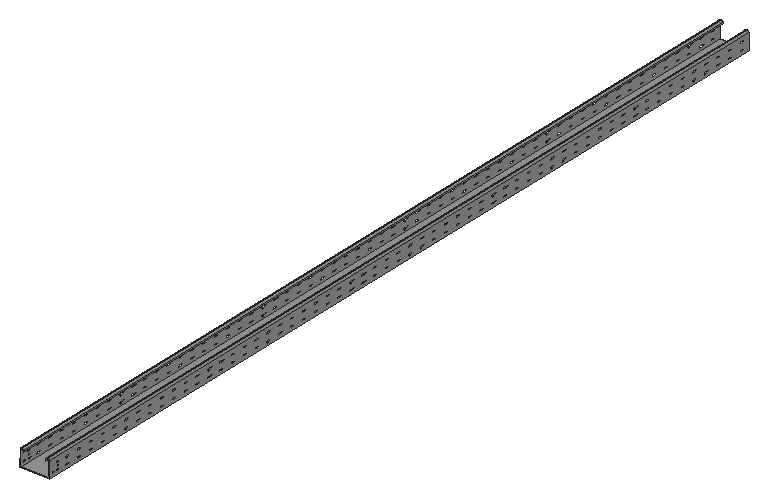
Revit family "Kabelrinne_rksm_A4_610_620_630_640_650_660", category Generic Models, Revit 2017 (continued)
Dimensions and locks
  locked: cut or joined group 1 (Extrusion 1, Extrusion 5, Extrusion 8, Extrusion 10, Extrusion 11, Extrusion 13, Extrusion 14, Extrusion 15, Extrusion 16, Extrusion 17, Extrusion 18, Extrusion 19, Extrusion 20, Extrusion 21, Extrusion 22, Extrusion 23, Extrusion 24, Extrusion 25, Extrusion 26, Extrusion 27, Extrusion 28, Extrusion 29, Extrusion 30, Extrusion 31, Extrusion 32, Extrusion 33, Extrusion 34, Extrusion 35, Extrusion 36, Extrusion 37, Extrusion 38, Extrusion 39, Extrusion 40, Extrusion 41, Extrusion 42, Extrusion 43, Extrusion 44, Extrusion 45, Extrusion 46, Extrusion 47, Extrusion 48, Extrusion 49, Extrusion 50, Extrusion 51, Extrusion 52, Extrusion 53, Extrusion 54, Extrusion 55, Extrusion 56, Extrusion 57, Extrusion 58, Extrusion 59, Extrusion 60, Extrusion 61, Extrusion 62, Extrusion 63, Extrusion 64, Extrusion 65, Extrusion 66, Extrusion 67, Extrusion 68, Extrusion 69, Extrusion 70, Extrusion 71, Extrusion 72, Extrusion 73, Extrusion 74, Extrusion 75, Extrusion 76, Extrusion 77, Extrusion 78, Extrusion 79, Extrusion 80, Extrusion 81, Extrusion 82, Extrusion 83, Extrusion 84, Extrusion 85, Extrusion 86, Extrusion 87, Extrusion 88, Extrusion 89, Extrusion 90, Extrusion 91, Extrusion 92, Extrusion 93, Extrusion 94, Extrusion 95, Extrusion 96, Extrusion 97, Extrusion 98, Extrusion 99, Extrusion 100, Extrusion 101, Extrusion 102, Extrusion 103, Extrusion 104, Extrusion 105, Extrusion 106, Extrusion 107, Extrusion 108, Extrusion 109, Extrusion 110, Extrusion 111, Extrusion 112, Extrusion 113, Extrusion 114, Extrusion 115, Extrusion 116, Extrusion 117, Extrusion 118, Extrusion 119, Extrusion 120, Extrusion 121, Extrusion 122, Extrusion 123, Extrusion 124, Extrusion 125, Extrusion 126, Extrusion 127, Extrusion 128, Extrusion 129, Extrusion 130, Extrusion 131, Extrusion 132, Extrusion 133, Extrusion 134, Extrusion 135, Extrusion 136, Extrusion 137, Extrusion 138, Extrusion 139, Extrusion 140, Extrusion 141, Extrusion 142, Extrusion 143, Extrusion 144, Extrusion 145, Extrusion 146, Extrusion 147, Extrusion 148, Extrusion 149, Extrusion 150, Extrusion 151, Extrusion 152, Extrusion 153, Extrusion 154, Extrusion 155, Extrusion 156, Extrusion 157, Extrusion 158, Extrusion 159, Extrusion 160, Extrusion 161, Extrusion 162, Extrusion 163, Extrusion 164, Extrusion 165, Extrusion 166, Extrusion 167, Extrusion 168, Extrusion 169, Extrusion 170, Extrusion 171, Extrusion 172, Extrusion 173, Extrusion 174, Extrusion 175, Extrusion 176, Extrusion 177, Extrusion 178, Extrusion 179, Extrusion 180, Extrusion 181, Extrusion 182, Extrusion 183, Extrusion 184, Extrusion 185, Extrusion 186, Extrusion 187, Extrusion 188, Extrusion 189, Extrusion 190, Extrusion 191, Extrusion 192, Extrusion 193, Extrusion 194, Extrusion 195, Extrusion 196, Extrusion 197, Extrusion 198, Extrusion 199, Extrusion 200, Extrusion 201, Extrusion 202, Extrusion 203, Extrusion 204, Extrusion 205, Extrusion 206, Extrusion 207, Extrusion 208, Extrusion 209, Extrusion 210, Extrusion 211, Extrusion 212, Extrusion 213, Extrusion 214, Extrusion 215, Extrusion 216, Extrusion 217, Extrusion 218, Extrusion 219, Extrusion 220, Extrusion 221, Extrusion 222, Extrusion 223, Extrusion 224, Extrusion 225, Extrusion 226, Extrusion 227, Extrusion 228, Extrusion 229, Extrusion 230, Extrusion 231, Extrusion 232, Extrusion 233, Extrusion 234, Extrusion 235, Extrusion 236, Extrusion 237, Extrusion 238, Extrusion 239, Extrusion 240, Extrusion 241, Extrusion 242, Extrusion 243, Extrusion 244, Extrusion 245, Extrusion 246, Extrusion 247, Extrusion 248, Extrusion 249, Extrusion 250, Extrusion 251, Extrusion 252, Extrusion 253, Extrusion 254, Extrusion 255, Extrusion 256, Extrusion 257, Extrusion 258, Extrusion 259, Extrusion 260, Extrusion 261, Extrusion 262, Extrusion 263, Extrusion 264, Extrusion 265, Extrusion 266, Extrusion 267, Extrusion 268, Extrusion 269, Extrusion 270, Extrusion 271, Extrusion 272, Extrusion 273, Extrusion 274, Extrusion 275, Extrusion 276, Extrusion 277) to cut or joined group 1 at 25  (x2)
  locked: Extrusion 9 sketch curve to Extrusion 9 sketch curve at 7
  locked: Extrusion 10 sketch curve to Extrusion 10 sketch curve at 7
  locked: Extrusion 11 sketch curve to Extrusion 11 sketch curve at 7
  group 9 to group 10 = 0 mm  (x2)
  group 9 to group 10 = 25 mm
  locked: plane 1 "Center (Front/Back)" to cut or joined group 1 at 66.3  (x2)
  locked: plane 1 "Center (Front/Back)" to cut or joined group 1 at 86.3  (x2)
  locked: plane 11 to plane 12 at 50.8
  locked: Extrusion 12 sketch curve to Extrusion 12 sketch curve at 7
  locked: Extrusion 13 sketch curve to Extrusion 13 sketch curve at 7
  locked: Extrusion 14 sketch curve to Extrusion 14 sketch curve at 7
  group 13 to group 14 = 0 mm  (x2)
  group 13 to group 14 = 25 mm
  equal spacing: group 11, group 15, group 18, group 21, group 37, group 199, group 202, group 205, group 208, group 211, group 214, group 217, group 220, group 223, group 226, group 229, group 232, group 235, group 238, group 241, group 244, group 247, group 250, group 253, group 256, group 259, group 262, group 265, group 268, group 271, group 274, group 277, group 280, group 283, group 286, group 289, group 292, group 295, group 298, group 301, group 304, group 307, group 310, group 313, group 316, group 319, group 322, group 325, group 328, group 331, group 334, group 337, group 340, group 343, group 346, group 349, group 352, group 355  (x3)
  locked: plane 1 "Center (Front/Back)" to cut or joined group 1 at 117.1  (x2)
  locked: plane 1 "Center (Front/Back)" to cut or joined group 1 at 137.1  (x2)
  locked: Extrusion 15 sketch curve to Extrusion 15 sketch curve at 7
  locked: Extrusion 16 sketch curve to Extrusion 16 sketch curve at 7
  group 16 to group 17 = 0 mm  (x2)
  group 16 to group 17 = 25 mm
  locked: Extrusion 17 sketch curve to Extrusion 17 sketch curve at 7
  locked: Extrusion 18 sketch curve to Extrusion 18 sketch curve at 7
  group 19 to group 20 = 0 mm  (x2)
  group 19 to group 20 = 25 mm
  locked: Extrusion 19 sketch curve to Extrusion 19 sketch curve at 7
  locked: Extrusion 20 sketch curve to Extrusion 20 sketch curve at 7
  group 23 to group 24 = 0 mm  (x2)
  group 23 to group 24 = 25 mm
  equal spacing: group 22, group 25, group 28, group 31, group 34, group 40, group 43, group 46, group 49, group 52, group 55, group 58, group 61, group 64, group 67, group 70, group 73, group 76, group 79, group 82, group 85, group 88, group 91, group 94, group 97, group 100, group 103, group 106, group 109, group 112, group 115, group 118, group 121, group 124, group 127, group 130, group 133, group 136, group 139, group 142, group 145, group 148, group 151, group 154, group 157, group 160, group 163, group 166, group 169, group 172, group 175, group 178, group 181, group 184, group 187, group 190, group 193, group 196  (x3)
  locked: cut or joined group 1 to plane 1 "Center (Front/Back)" at 117.1  (x2)
  locked: cut or joined group 1 to plane 1 "Center (Front/Back)" at 137.1  (x2)
  locked: Extrusion 21 sketch curve to Extrusion 21 sketch curve at 7
  locked: Extrusion 22 sketch curve to Extrusion 22 sketch curve at 7
  group 26 to group 27 = 0 mm  (x2)
  group 26 to group 27 = 25 mm
  locked: Extrusion 23 sketch curve to Extrusion 23 sketch curve at 7
  locked: Extrusion 24 sketch curve to Extrusion 24 sketch curve at 7
  group 29 to group 30 = 0 mm  (x2)
  group 29 to group 30 = 25 mm
  locked: Extrusion 25 sketch curve to Extrusion 25 sketch curve at 7
  locked: Extrusion 26 sketch curve to Extrusion 26 sketch curve at 7
  group 32 to group 33 = 0 mm  (x2)
  group 32 to group 33 = 25 mm
  locked: Extrusion 27 sketch curve to Extrusion 27 sketch curve at 7
  locked: Extrusion 28 sketch curve to Extrusion 28 sketch curve at 7
  group 35 to group 36 = 0 mm  (x2)
  group 35 to group 36 = 25 mm
  locked: Extrusion 29 sketch curve to Extrusion 29 sketch curve at 7
  locked: Extrusion 30 sketch curve to Extrusion 30 sketch curve at 7
  group 38 to group 39 = 0 mm  (x2)
  group 38 to group 39 = 25 mm
  locked: Extrusion 31 sketch curve to Extrusion 31 sketch curve at 7
  locked: Extrusion 32 sketch curve to Extrusion 32 sketch curve at 7
  group 41 to group 42 = 0 mm  (x2)
  group 41 to group 42 = 25 mm
  locked: Extrusion 33 sketch curve to Extrusion 33 sketch curve at 7
  locked: Extrusion 34 sketch curve to Extrusion 34 sketch curve at 7
  group 44 to group 45 = 0 mm  (x2)
  group 44 to group 45 = 25 mm
  locked: Extrusion 35 sketch curve to Extrusion 35 sketch curve at 7
  locked: Extrusion 36 sketch curve to Extrusion 36 sketch curve at 7
  group 47 to group 48 = 0 mm  (x2)
  group 47 to group 48 = 25 mm
  locked: Extrusion 37 sketch curve to Extrusion 37 sketch curve at 7
  locked: Extrusion 38 sketch curve to Extrusion 38 sketch curve at 7
  group 50 to group 51 = 0 mm  (x2)
  group 50 to group 51 = 25 mm
  locked: Extrusion 39 sketch curve to Extrusion 39 sketch curve at 7
  locked: Extrusion 40 sketch curve to Extrusion 40 sketch curve at 7
  group 53 to group 54 = 0 mm  (x2)
  group 53 to group 54 = 25 mm
  locked: Extrusion 41 sketch curve to Extrusion 41 sketch curve at 7
  locked: Extrusion 42 sketch curve to Extrusion 42 sketch curve at 7
  group 56 to group 57 = 0 mm  (x2)
  group 56 to group 57 = 25 mm
  locked: Extrusion 43 sketch curve to Extrusion 43 sketch curve at 7
  locked: Extrusion 44 sketch curve to Extrusion 44 sketch curve at 7
  group 59 to group 60 = 0 mm  (x2)
  group 59 to group 60 = 25 mm
  locked: Extrusion 45 sketch curve to Extrusion 45 sketch curve at 7
  locked: Extrusion 46 sketch curve to Extrusion 46 sketch curve at 7
  group 62 to group 63 = 0 mm  (x2)
  group 62 to group 63 = 25 mm
  locked: Extrusion 47 sketch curve to Extrusion 47 sketch curve at 7
  locked: Extrusion 48 sketch curve to Extrusion 48 sketch curve at 7
  group 65 to group 66 = 0 mm  (x2)
  group 65 to group 66 = 25 mm
  locked: Extrusion 49 sketch curve to Extrusion 49 sketch curve at 7
  locked: Extrusion 50 sketch curve to Extrusion 50 sketch curve at 7
  group 68 to group 69 = 0 mm  (x2)
  group 68 to group 69 = 25 mm
  locked: Extrusion 51 sketch curve to Extrusion 51 sketch curve at 7
  locked: Extrusion 52 sketch curve to Extrusion 52 sketch curve at 7
  group 71 to group 72 = 0 mm  (x2)
  group 71 to group 72 = 25 mm
  locked: Extrusion 53 sketch curve to Extrusion 53 sketch curve at 7
  locked: Extrusion 54 sketch curve to Extrusion 54 sketch curve at 7
  group 74 to group 75 = 0 mm  (x2)
  group 74 to group 75 = 25 mm
  locked: Extrusion 55 sketch curve to Extrusion 55 sketch curve at 7
  locked: Extrusion 56 sketch curve to Extrusion 56 sketch curve at 7
  group 77 to group 78 = 0 mm  (x2)
  group 77 to group 78 = 25 mm
  locked: Extrusion 57 sketch curve to Extrusion 57 sketch curve at 7
  locked: Extrusion 58 sketch curve to Extrusion 58 sketch curve at 7
  group 80 to group 81 = 0 mm  (x2)
  group 80 to group 81 = 25 mm
  locked: Extrusion 59 sketch curve to Extrusion 59 sketch curve at 7
  locked: Extrusion 60 sketch curve to Extrusion 60 sketch curve at 7
  group 83 to group 84 = 0 mm  (x2)
  group 83 to group 84 = 25 mm
  locked: Extrusion 61 sketch curve to Extrusion 61 sketch curve at 7
  locked: Extrusion 62 sketch curve to Extrusion 62 sketch curve at 7
  group 86 to group 87 = 0 mm  (x2)
  group 86 to group 87 = 25 mm
  locked: Extrusion 63 sketch curve to Extrusion 63 sketch curve at 7
  locked: Extrusion 64 sketch curve to Extrusion 64 sketch curve at 7
  group 89 to group 90 = 0 mm  (x2)
  group 89 to group 90 = 25 mm
  locked: Extrusion 65 sketch curve to Extrusion 65 sketch curve at 7
  locked: Extrusion 66 sketch curve to Extrusion 66 sketch curve at 7
  group 92 to group 93 = 0 mm  (x2)
  group 92 to group 93 = 25 mm
  locked: Extrusion 67 sketch curve to Extrusion 67 sketch curve at 7
  locked: Extrusion 68 sketch curve to Extrusion 68 sketch curve at 7
  group 95 to group 96 = 0 mm  (x2)
  group 95 to group 96 = 25 mm
  locked: Extrusion 69 sketch curve to Extrusion 69 sketch curve at 7
  locked: Extrusion 70 sketch curve to Extrusion 70 sketch curve at 7
  group 98 to group 99 = 0 mm  (x2)
  group 98 to group 99 = 25 mm
  locked: Extrusion 71 sketch curve to Extrusion 71 sketch curve at 7
  locked: Extrusion 72 sketch curve to Extrusion 72 sketch curve at 7
  group 101 to group 102 = 0 mm  (x2)
  group 101 to group 102 = 25 mm
  locked: Extrusion 73 sketch curve to Extrusion 73 sketch curve at 7
  locked: Extrusion 74 sketch curve to Extrusion 74 sketch curve at 7
  group 104 to group 105 = 0 mm  (x2)
  group 104 to group 105 = 25 mm
  locked: Extrusion 75 sketch curve to Extrusion 75 sketch curve at 7
  locked: Extrusion 76 sketch curve to Extrusion 76 sketch curve at 7
  group 107 to group 108 = 0 mm  (x2)
  group 107 to group 108 = 25 mm
  locked: Extrusion 77 sketch curve to Extrusion 77 sketch curve at 7
  locked: Extrusion 78 sketch curve to Extrusion 78 sketch curve at 7
  group 110 to group 111 = 0 mm  (x2)
  group 110 to group 111 = 25 mm
  locked: Extrusion 79 sketch curve to Extrusion 79 sketch curve at 7
  locked: Extrusion 80 sketch curve to Extrusion 80 sketch curve at 7
  group 113 to group 114 = 0 mm  (x2)
  group 113 to group 114 = 25 mm
  locked: Extrusion 81 sketch curve to Extrusion 81 sketch curve at 7
  locked: Extrusion 82 sketch curve to Extrusion 82 sketch curve at 7
  group 116 to group 117 = 0 mm  (x2)
  group 116 to group 117 = 25 mm
  locked: Extrusion 83 sketch curve to Extrusion 83 sketch curve at 7
  locked: Extrusion 84 sketch curve to Extrusion 84 sketch curve at 7
  group 119 to group 120 = 0 mm  (x2)
  group 119 to group 120 = 25 mm
  locked: Extrusion 85 sketch curve to Extrusion 85 sketch curve at 7
  locked: Extrusion 86 sketch curve to Extrusion 86 sketch curve at 7
  group 122 to group 123 = 0 mm  (x2)
  group 122 to group 123 = 25 mm
  locked: Extrusion 87 sketch curve to Extrusion 87 sketch curve at 7
  locked: Extrusion 88 sketch curve to Extrusion 88 sketch curve at 7
  group 125 to group 126 = 0 mm  (x2)
  group 125 to group 126 = 25 mm
  locked: Extrusion 89 sketch curve to Extrusion 89 sketch curve at 7
  locked: Extrusion 90 sketch curve to Extrusion 90 sketch curve at 7
  group 128 to group 129 = 0 mm  (x2)
  group 128 to group 129 = 25 mm
  locked: Extrusion 91 sketch curve to Extrusion 91 sketch curve at 7
  locked: Extrusion 92 sketch curve to Extrusion 92 sketch curve at 7
  group 131 to group 132 = 0 mm  (x2)
  group 131 to group 132 = 25 mm
  locked: Extrusion 93 sketch curve to Extrusion 93 sketch curve at 7
  locked: Extrusion 94 sketch curve to Extrusion 94 sketch curve at 7
  group 134 to group 135 = 0 mm  (x2)
  group 134 to group 135 = 25 mm
  locked: Extrusion 95 sketch curve to Extrusion 95 sketch curve at 7
  locked: Extrusion 96 sketch curve to Extrusion 96 sketch curve at 7
  group 137 to group 138 = 0 mm  (x2)
  group 137 to group 138 = 25 mm
  locked: Extrusion 97 sketch curve to Extrusion 97 sketch curve at 7
  locked: Extrusion 98 sketch curve to Extrusion 98 sketch curve at 7
  group 140 to group 141 = 0 mm  (x2)
  group 140 to group 141 = 25 mm
  locked: Extrusion 99 sketch curve to Extrusion 99 sketch curve at 7
  locked: Extrusion 100 sketch curve to Extrusion 100 sketch curve at 7
  group 143 to group 144 = 0 mm  (x2)
  group 143 to group 144 = 25 mm
  locked: Extrusion 101 sketch curve to Extrusion 101 sketch curve at 7
  locked: Extrusion 102 sketch curve to Extrusion 102 sketch curve at 7
  group 146 to group 147 = 0 mm  (x2)
  group 146 to group 147 = 25 mm
  locked: Extrusion 103 sketch curve to Extrusion 103 sketch curve at 7
  locked: Extrusion 104 sketch curve to Extrusion 104 sketch curve at 7
  group 149 to group 150 = 0 mm  (x2)
  group 149 to group 150 = 25 mm
  locked: Extrusion 105 sketch curve to Extrusion 105 sketch curve at 7
  locked: Extrusion 106 sketch curve to Extrusion 106 sketch curve at 7
  group 152 to group 153 = 0 mm  (x2)
  group 152 to group 153 = 25 mm
  locked: Extrusion 107 sketch curve to Extrusion 107 sketch curve at 7
  locked: Extrusion 108 sketch curve to Extrusion 108 sketch curve at 7
  group 155 to group 156 = 0 mm  (x2)
  group 155 to group 156 = 25 mm
  locked: Extrusion 109 sketch curve to Extrusion 109 sketch curve at 7
  locked: Extrusion 110 sketch curve to Extrusion 110 sketch curve at 7
  group 158 to group 159 = 0 mm  (x2)
  group 158 to group 159 = 25 mm
  locked: Extrusion 111 sketch curve to Extrusion 111 sketch curve at 7
  locked: Extrusion 112 sketch curve to Extrusion 112 sketch curve at 7
  group 161 to group 162 = 0 mm  (x2)
  group 161 to group 162 = 25 mm
  locked: Extrusion 113 sketch curve to Extrusion 113 sketch curve at 7
  locked: Extrusion 114 sketch curve to Extrusion 114 sketch curve at 7
  group 164 to group 165 = 0 mm  (x2)
  group 164 to group 165 = 25 mm
  locked: Extrusion 115 sketch curve to Extrusion 115 sketch curve at 7
  locked: Extrusion 116 sketch curve to Extrusion 116 sketch curve at 7
  group 167 to group 168 = 0 mm  (x2)
  group 167 to group 168 = 25 mm
  locked: Extrusion 117 sketch curve to Extrusion 117 sketch curve at 7
  locked: Extrusion 118 sketch curve to Extrusion 118 sketch curve at 7
  group 170 to group 171 = 0 mm  (x2)
  group 170 to group 171 = 25 mm
  locked: Extrusion 119 sketch curve to Extrusion 119 sketch curve at 7
  locked: Extrusion 120 sketch curve to Extrusion 120 sketch curve at 7
  group 173 to group 174 = 0 mm  (x2)
  group 173 to group 174 = 25 mm
  locked: Extrusion 121 sketch curve to Extrusion 121 sketch curve at 7
  locked: Extrusion 122 sketch curve to Extrusion 122 sketch curve at 7
  group 176 to group 177 = 0 mm  (x2)
  group 176 to group 177 = 25 mm
  locked: Extrusion 123 sketch curve to Extrusion 123 sketch curve at 7
  locked: Extrusion 124 sketch curve to Extrusion 124 sketch curve at 7
  group 179 to group 180 = 0 mm  (x2)
  group 179 to group 180 = 25 mm
  locked: Extrusion 125 sketch curve to Extrusion 125 sketch curve at 7
  locked: Extrusion 126 sketch curve to Extrusion 126 sketch curve at 7
  group 182 to group 183 = 0 mm  (x2)
  group 182 to group 183 = 25 mm
  locked: Extrusion 127 sketch curve to Extrusion 127 sketch curve at 7
  locked: Extrusion 128 sketch curve to Extrusion 128 sketch curve at 7
  group 185 to group 186 = 0 mm  (x2)
  group 185 to group 186 = 25 mm
  locked: Extrusion 129 sketch curve to Extrusion 129 sketch curve at 7
  locked: Extrusion 130 sketch curve to Extrusion 130 sketch curve at 7
  group 188 to group 189 = 0 mm  (x2)
  group 188 to group 189 = 25 mm
  locked: Extrusion 131 sketch curve to Extrusion 131 sketch curve at 7
  locked: Extrusion 132 sketch curve to Extrusion 132 sketch curve at 7
  group 191 to group 192 = 0 mm  (x2)
  group 191 to group 192 = 25 mm
  locked: Extrusion 133 sketch curve to Extrusion 133 sketch curve at 7
  locked: Extrusion 134 sketch curve to Extrusion 134 sketch curve at 7
  group 194 to group 195 = 0 mm  (x2)
  group 194 to group 195 = 25 mm
  locked: Extrusion 135 sketch curve to Extrusion 135 sketch curve at 7
  locked: Extrusion 136 sketch curve to Extrusion 136 sketch curve at 7
  group 197 to group 198 = 0 mm  (x2)
  group 197 to group 198 = 25 mm
  locked: Extrusion 137 sketch curve to Extrusion 137 sketch curve at 7
  locked: Extrusion 138 sketch curve to Extrusion 138 sketch curve at 7
  group 200 to group 201 = 0 mm  (x2)
  group 200 to group 201 = 25 mm
  locked: Extrusion 139 sketch curve to Extrusion 139 sketch curve at 7
  locked: Extrusion 140 sketch curve to Extrusion 140 sketch curve at 7
  group 203 to group 204 = 0 mm  (x2)
  group 203 to group 204 = 25 mm
  locked: Extrusion 141 sketch curve to Extrusion 141 sketch curve at 7
  locked: Extrusion 142 sketch curve to Extrusion 142 sketch curve at 7
  group 206 to group 207 = 0 mm  (x2)
  group 206 to group 207 = 25 mm
  locked: Extrusion 143 sketch curve to Extrusion 143 sketch curve at 7
  locked: Extrusion 144 sketch curve to Extrusion 144 sketch curve at 7
  group 209 to group 210 = 0 mm  (x2)
  group 209 to group 210 = 25 mm
  locked: Extrusion 145 sketch curve to Extrusion 145 sketch curve at 7
  locked: Extrusion 146 sketch curve to Extrusion 146 sketch curve at 7
  group 212 to group 213 = 0 mm  (x2)
  group 212 to group 213 = 25 mm
  locked: Extrusion 147 sketch curve to Extrusion 147 sketch curve at 7
  locked: Extrusion 148 sketch curve to Extrusion 148 sketch curve at 7
  group 215 to group 216 = 0 mm  (x2)
  group 215 to group 216 = 25 mm
  locked: Extrusion 149 sketch curve to Extrusion 149 sketch curve at 7
  locked: Extrusion 150 sketch curve to Extrusion 150 sketch curve at 7
  group 218 to group 219 = 0 mm  (x2)
  group 218 to group 219 = 25 mm
  locked: Extrusion 151 sketch curve to Extrusion 151 sketch curve at 7
  locked: Extrusion 152 sketch curve to Extrusion 152 sketch curve at 7
  group 221 to group 222 = 0 mm  (x2)
  group 221 to group 222 = 25 mm
  locked: Extrusion 153 sketch curve to Extrusion 153 sketch curve at 7
  locked: Extrusion 154 sketch curve to Extrusion 154 sketch curve at 7
  group 224 to group 225 = 0 mm  (x2)
  group 224 to group 225 = 25 mm
  locked: Extrusion 155 sketch curve to Extrusion 155 sketch curve at 7
  locked: Extrusion 156 sketch curve to Extrusion 156 sketch curve at 7
  group 227 to group 228 = 0 mm  (x2)
  group 227 to group 228 = 25 mm
  locked: Extrusion 157 sketch curve to Extrusion 157 sketch curve at 7
  locked: Extrusion 158 sketch curve to Extrusion 158 sketch curve at 7
  group 230 to group 231 = 0 mm  (x2)
  group 230 to group 231 = 25 mm
  locked: Extrusion 159 sketch curve to Extrusion 159 sketch curve at 7
  locked: Extrusion 160 sketch curve to Extrusion 160 sketch curve at 7
  group 233 to group 234 = 0 mm  (x2)
  group 233 to group 234 = 25 mm
  locked: Extrusion 161 sketch curve to Extrusion 161 sketch curve at 7
  locked: Extrusion 162 sketch curve to Extrusion 162 sketch curve at 7
  group 236 to group 237 = 0 mm  (x2)
  group 236 to group 237 = 25 mm
  locked: Extrusion 163 sketch curve to Extrusion 163 sketch curve at 7
  locked: Extrusion 164 sketch curve to Extrusion 164 sketch curve at 7
  group 239 to group 240 = 0 mm  (x2)
  group 239 to group 240 = 25 mm
  locked: Extrusion 165 sketch curve to Extrusion 165 sketch curve at 7
  locked: Extrusion 166 sketch curve to Extrusion 166 sketch curve at 7
  group 242 to group 243 = 0 mm  (x2)
  group 242 to group 243 = 25 mm
  locked: Extrusion 167 sketch curve to Extrusion 167 sketch curve at 7
  locked: Extrusion 168 sketch curve to Extrusion 168 sketch curve at 7
  group 245 to group 246 = 0 mm  (x2)
  group 245 to group 246 = 25 mm
  locked: Extrusion 169 sketch curve to Extrusion 169 sketch curve at 7
  locked: Extrusion 170 sketch curve to Extrusion 170 sketch curve at 7
  group 248 to group 249 = 0 mm  (x2)
  group 248 to group 249 = 25 mm
  locked: Extrusion 171 sketch curve to Extrusion 171 sketch curve at 7
  locked: Extrusion 172 sketch curve to Extrusion 172 sketch curve at 7
  group 251 to group 252 = 0 mm  (x2)
  group 251 to group 252 = 25 mm
  locked: Extrusion 173 sketch curve to Extrusion 173 sketch curve at 7
  locked: Extrusion 174 sketch curve to Extrusion 174 sketch curve at 7
  group 254 to group 255 = 0 mm  (x2)
  group 254 to group 255 = 25 mm
  locked: Extrusion 175 sketch curve to Extrusion 175 sketch curve at 7
  locked: Extrusion 176 sketch curve to Extrusion 176 sketch curve at 7
  group 257 to group 258 = 0 mm  (x2)
  group 257 to group 258 = 25 mm
  locked: Extrusion 177 sketch curve to Extrusion 177 sketch curve at 7
  locked: Extrusion 178 sketch curve to Extrusion 178 sketch curve at 7
  group 260 to group 261 = 0 mm  (x2)
  group 260 to group 261 = 25 mm
  locked: Extrusion 179 sketch curve to Extrusion 179 sketch curve at 7
  locked: Extrusion 180 sketch curve to Extrusion 180 sketch curve at 7
  group 263 to group 264 = 0 mm  (x2)
  group 263 to group 264 = 25 mm
  locked: Extrusion 181 sketch curve to Extrusion 181 sketch curve at 7
  locked: Extrusion 182 sketch curve to Extrusion 182 sketch curve at 7
  group 266 to group 267 = 0 mm  (x2)
  group 266 to group 267 = 25 mm
  locked: Extrusion 183 sketch curve to Extrusion 183 sketch curve at 7
  locked: Extrusion 184 sketch curve to Extrusion 184 sketch curve at 7
  group 269 to group 270 = 0 mm  (x2)
  group 269 to group 270 = 25 mm
  locked: Extrusion 185 sketch curve to Extrusion 185 sketch curve at 7
  locked: Extrusion 186 sketch curve to Extrusion 186 sketch curve at 7
  group 272 to group 273 = 0 mm  (x2)
  group 272 to group 273 = 25 mm
  locked: Extrusion 187 sketch curve to Extrusion 187 sketch curve at 7
  locked: Extrusion 188 sketch curve to Extrusion 188 sketch curve at 7
  group 275 to group 276 = 0 mm  (x2)
  group 275 to group 276 = 25 mm
  locked: Extrusion 189 sketch curve to Extrusion 189 sketch curve at 7
  locked: Extrusion 190 sketch curve to Extrusion 190 sketch curve at 7
  group 278 to group 279 = 0 mm  (x2)
  group 278 to group 279 = 25 mm
  locked: Extrusion 191 sketch curve to Extrusion 191 sketch curve at 7
  locked: Extrusion 192 sketch curve to Extrusion 192 sketch curve at 7
  group 281 to group 282 = 0 mm  (x2)
  group 281 to group 282 = 25 mm
  locked: Extrusion 193 sketch curve to Extrusion 193 sketch curve at 7
  locked: Extrusion 194 sketch curve to Extrusion 194 sketch curve at 7
  group 284 to group 285 = 0 mm  (x2)
  group 284 to group 285 = 25 mm
  locked: Extrusion 195 sketch curve to Extrusion 195 sketch curve at 7
  locked: Extrusion 196 sketch curve to Extrusion 196 sketch curve at 7
  group 287 to group 288 = 0 mm  (x2)
  group 287 to group 288 = 25 mm
  locked: Extrusion 197 sketch curve to Extrusion 197 sketch curve at 7
  locked: Extrusion 198 sketch curve to Extrusion 198 sketch curve at 7
  group 290 to group 291 = 0 mm  (x2)
  group 290 to group 291 = 25 mm
  locked: Extrusion 199 sketch curve to Extrusion 199 sketch curve at 7
  locked: Extrusion 200 sketch curve to Extrusion 200 sketch curve at 7
  group 293 to group 294 = 0 mm  (x2)
  group 293 to group 294 = 25 mm
  locked: Extrusion 201 sketch curve to Extrusion 201 sketch curve at 7
  locked: Extrusion 202 sketch curve to Extrusion 202 sketch curve at 7
  group 296 to group 297 = 0 mm  (x2)
  group 296 to group 297 = 25 mm
  locked: Extrusion 203 sketch curve to Extrusion 203 sketch curve at 7
  locked: Extrusion 204 sketch curve to Extrusion 204 sketch curve at 7
  group 299 to group 300 = 0 mm  (x2)
  group 299 to group 300 = 25 mm
  locked: Extrusion 205 sketch curve to Extrusion 205 sketch curve at 7
  locked: Extrusion 206 sketch curve to Extrusion 206 sketch curve at 7
  group 302 to group 303 = 0 mm  (x2)
  group 302 to group 303 = 25 mm
  locked: Extrusion 207 sketch curve to Extrusion 207 sketch curve at 7
  locked: Extrusion 208 sketch curve to Extrusion 208 sketch curve at 7
  group 305 to group 306 = 0 mm  (x2)
  group 305 to group 306 = 25 mm
  locked: Extrusion 209 sketch curve to Extrusion 209 sketch curve at 7
  locked: Extrusion 210 sketch curve to Extrusion 210 sketch curve at 7
  group 308 to group 309 = 0 mm  (x2)
  group 308 to group 309 = 25 mm
  locked: Extrusion 211 sketch curve to Extrusion 211 sketch curve at 7
  locked: Extrusion 212 sketch curve to Extrusion 212 sketch curve at 7
  group 311 to group 312 = 0 mm  (x2)
  group 311 to group 312 = 25 mm
  locked: Extrusion 213 sketch curve to Extrusion 213 sketch curve at 7
  locked: Extrusion 214 sketch curve to Extrusion 214 sketch curve at 7
  group 314 to group 315 = 0 mm  (x2)
  group 314 to group 315 = 25 mm
  locked: Extrusion 215 sketch curve to Extrusion 215 sketch curve at 7
  locked: Extrusion 216 sketch curve to Extrusion 216 sketch curve at 7
  group 317 to group 318 = 0 mm  (x2)
  group 317 to group 318 = 25 mm
  locked: Extrusion 217 sketch curve to Extrusion 217 sketch curve at 7
  locked: Extrusion 218 sketch curve to Extrusion 218 sketch curve at 7
  group 320 to group 321 = 0 mm  (x2)
  group 320 to group 321 = 25 mm
  locked: Extrusion 219 sketch curve to Extrusion 219 sketch curve at 7
  locked: Extrusion 220 sketch curve to Extrusion 220 sketch curve at 7
  group 323 to group 324 = 0 mm  (x2)
  group 323 to group 324 = 25 mm
  locked: Extrusion 221 sketch curve to Extrusion 221 sketch curve at 7
  locked: Extrusion 222 sketch curve to Extrusion 222 sketch curve at 7
  group 326 to group 327 = 0 mm  (x2)
  group 326 to group 327 = 25 mm
  locked: Extrusion 223 sketch curve to Extrusion 223 sketch curve at 7
  locked: Extrusion 224 sketch curve to Extrusion 224 sketch curve at 7
  group 329 to group 330 = 0 mm  (x2)
  group 329 to group 330 = 25 mm
  locked: Extrusion 225 sketch curve to Extrusion 225 sketch curve at 7
  locked: Extrusion 226 sketch curve to Extrusion 226 sketch curve at 7
  group 332 to group 333 = 0 mm  (x2)
  group 332 to group 333 = 25 mm
  locked: Extrusion 227 sketch curve to Extrusion 227 sketch curve at 7
  locked: Extrusion 228 sketch curve to Extrusion 228 sketch curve at 7
  group 335 to group 336 = 0 mm  (x2)
  group 335 to group 336 = 25 mm
  locked: Extrusion 229 sketch curve to Extrusion 229 sketch curve at 7
  locked: Extrusion 230 sketch curve to Extrusion 230 sketch curve at 7
  group 338 to group 339 = 0 mm  (x2)
  group 338 to group 339 = 25 mm
  locked: Extrusion 231 sketch curve to Extrusion 231 sketch curve at 7
  locked: Extrusion 232 sketch curve to Extrusion 232 sketch curve at 7
  group 341 to group 342 = 0 mm  (x2)
  group 341 to group 342 = 25 mm
  locked: Extrusion 233 sketch curve to Extrusion 233 sketch curve at 7
  locked: Extrusion 234 sketch curve to Extrusion 234 sketch curve at 7
  group 344 to group 345 = 0 mm  (x2)
  group 344 to group 345 = 25 mm
  locked: Extrusion 235 sketch curve to Extrusion 235 sketch curve at 7
  locked: Extrusion 236 sketch curve to Extrusion 236 sketch curve at 7
  group 347 to group 348 = 0 mm  (x2)
  group 347 to group 348 = 25 mm
  locked: Extrusion 237 sketch curve to Extrusion 237 sketch curve at 7
  locked: Extrusion 238 sketch curve to Extrusion 238 sketch curve at 7
  group 350 to group 351 = 0 mm  (x2)
  group 350 to group 351 = 25 mm
  locked: Extrusion 239 sketch curve to Extrusion 239 sketch curve at 7
  locked: Extrusion 240 sketch curve to Extrusion 240 sketch curve at 7
  group 353 to group 354 = 0 mm  (x2)
  group 353 to group 354 = 25 mm
